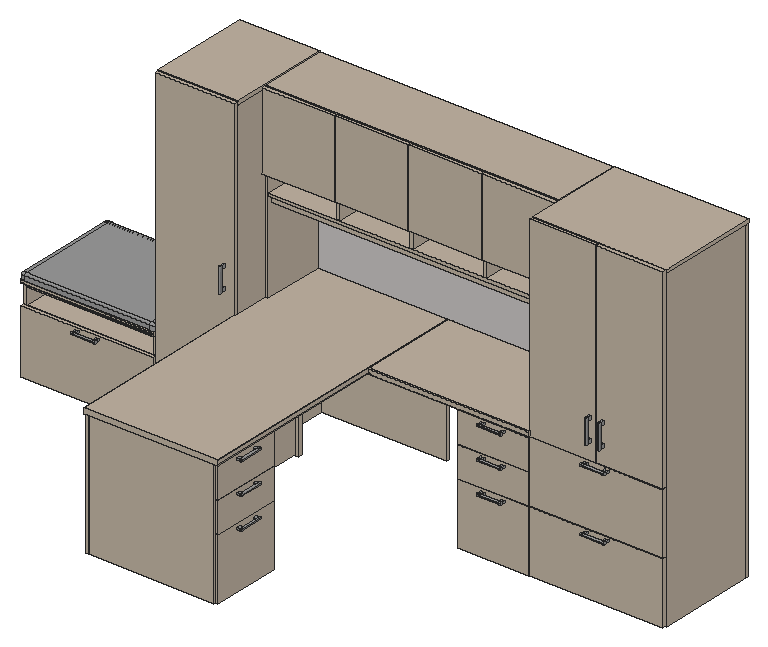
Revit family "JSI-Vision-Typical_Laminate-VST103", category Furniture, Revit 2020 (continued)
Definition of nested family "JSI-Vision-Overhead_Cabinets_with_Cubbies"
  Dimensions and locks (ft)
    plane 10 to plane 9 to plane 22 to plane 23 = 0.036458 ft locked, 0.0625 ft locked, 0.0625 ft locked
    "Width": plane 3 "Center Left/Right" to plane 6
    "Depth": plane 10 to plane 1 "Center Front/Back"
    locked: plane 11 to plane 12 at 0.041667
    locked: plane 7 to plane 13 at 0.0625
    locked: plane 14 to plane 8 at 0.0625
    locked: plane 15 to plane 5 at 0.0625
    plane 17 to plane 16 to plane 5 = 0.0625 ft locked, 0.067708 ft locked
    locked: plane 11 to plane 18 at 0.0625
    locked: plane 20 to plane 19 at 0.0625
    plane 18 to plane 20 = 1.208333 ft
    locked: plane 11 to plane 26 at 0.005208
    locked: plane 19 to plane 27 at 0.109375
    plane 29 to plane 28 to plane 9 = 0.0625 ft locked, 0.010417 ft locked
    "Door Width": Extrusion 6 sketch curve to Extrusion 6 sketch curve
    "Door Width": Extrusion 7 sketch curve to Extrusion 7 sketch curve
    equal spacing: group 1, group 2, group 5, group 6, group 7, group 8  (x3)
    "Door Array Spacing": Extrusion 6 to Extrusion 7
    "Verticall Partition Distance": plane 24 to plane 31
    plane 33 to plane 31 to plane 34 = 0.03125 ft locked, 0.03125 ft locked
    plane 35 to plane 32 to plane 36 = 0.03125 ft locked, 0.03125 ft locked
    "Verticall Partition Distance": plane 32 to plane 25
    "Unit Centre": plane 3 "Center Left/Right" to plane 30
    locked: plane 13 to plane 37 "Not a Reference" at 0.5
    locked: plane 38 to plane 14 at 0.5
    "Door Align Spacing": plane 7 to plane 24
    "Door Align Spacing": plane 25 to plane 8
    locked: plane 19 to plane 39 at 0.5
    plane 40 to plane 39 to plane 21 = 0.0625 ft locked, 0.125 ft locked
    locked: plane 43 to plane 13 at 0.03125
    locked: plane 14 to plane 44 at 0.03125
    "Bottom Partition Array Start Distance": plane 24 to plane 45
    plane 46 to plane 45 to plane 47 = 0.03125 ft locked, 0.03125 ft locked
    equal spacing: group 3, group 4, group 9, group 10, group 11  (x3)
    "Bottom Partition Array Distance": Extrusion 12 to Extrusion 13
    "Bottom Partition Array Space": plane 24 to Extrusion 12
    plane 41 to plane 30 to plane 42 = 0.03125 ft locked, 0.03125 ft locked
    "OH Elevation": plane 48 to plane 4
    "Height": plane 12 to plane 48
    "Overhead Height": plane 19 to plane 48
    "Door Width": Extrusion 14 sketch curve to Extrusion 14 sketch curve
    "Door Width": Extrusion 15 sketch curve to Extrusion 15 sketch curve
    "Door Width": Extrusion 16 sketch curve to Extrusion 16 sketch curve
    "Door Width": Extrusion 17 sketch curve to Extrusion 17 sketch curve
    locked: Extrusion 10 sketch curve to Extrusion 1 at 0.802192
    locked: Extrusion 10 sketch curve to Extrusion 10 sketch curve at 1.820391  (x2)
    locked: Extrusion 10 sketch curve to Extrusion 10 sketch curve at 0.802192
    aligned and locked: level to plane 2
    aligned and locked: plane 5 to Extrusion 1 sketch curve
    aligned and locked: plane 7 to Extrusion 1 sketch curve
    aligned and locked: Extrusion 1 sketch curve to plane 13
    aligned and locked: Extrusion 2 sketch curve to plane 5
    aligned and locked: plane 8 to Extrusion 2 sketch curve
    aligned and locked: Extrusion 2 sketch curve to plane 14
    aligned and locked: Extrusion 3 sketch curve to plane 11
    aligned and locked: plane 7 to Extrusion 3 sketch curve
    aligned and locked: Extrusion 3 to plane 5
    aligned and locked: plane 9 to Extrusion 1
    aligned and locked: plane 9 to Extrusion 2
    aligned and locked: plane 9 to Extrusion 3
    aligned and locked: Extrusion 4 sketch curve to plane 20
    aligned and locked: plane 13 to Extrusion 4 sketch curve
    aligned and locked: plane 19 to Extrusion 4 sketch curve
    aligned and locked: Extrusion 4 sketch curve to plane 14
    aligned and locked: Extrusion 4 to plane 17
    aligned and locked: plane 9 to Extrusion 4
    aligned and locked: plane 23 to Extrusion 5 sketch curve
    aligned and locked: plane 13 to Extrusion 5 sketch curve
    aligned and locked: Extrusion 5 sketch curve to plane 22
    aligned and locked: Extrusion 5 sketch curve to plane 14
    aligned and locked: Extrusion 5 to plane 21
    aligned and locked: Extrusion 6 to plane 24
    aligned and locked: plane 17 to Extrusion 8 sketch curve
    aligned and locked: plane 33 to Extrusion 8 sketch curve
    aligned and locked: Extrusion 8 sketch curve to plane 9
    aligned and locked: Extrusion 8 sketch curve to plane 34
    aligned and locked: plane 17 to Extrusion 9 sketch curve
    aligned and locked: plane 35 to Extrusion 9 sketch curve
    aligned and locked: Extrusion 9 sketch curve to plane 9
    aligned and locked: Extrusion 9 sketch curve to plane 36
    aligned and locked: plane 18 to Extrusion 8
    aligned and locked: Extrusion 8 to plane 20
    aligned and locked: plane 18 to Extrusion 9
    aligned and locked: Extrusion 9 to plane 20
    aligned and locked: Extrusion 1 to Extrusion 10 sketch curve
    aligned and locked: Extrusion 10 sketch curve to Extrusion 1
    aligned and locked: Extrusion 10 sketch curve to Extrusion 2
    aligned and locked: Extrusion 10 to plane 16
    aligned and locked: plane 17 to Extrusion 10
    aligned and locked: Extrusion 6 to plane 27
    aligned and locked: Extrusion 11 sketch curve to plane 39
    aligned and locked: Extrusion 11 sketch curve to plane 40
    aligned and locked: Extrusion 11 sketch curve to plane 13
    aligned and locked: Extrusion 11 sketch curve to plane 14
    aligned and locked: Extrusion 11 to plane 17
    aligned and locked: plane 9 to Extrusion 11
    aligned and locked: plane 39 to Extrusion 5
    aligned and locked: Extrusion 12 to plane 40
    aligned and locked: plane 19 to Extrusion 12
    aligned and locked: plane 30 to nested 1
    aligned and locked: plane 29 to nested 1
    aligned and locked: plane 27 to Extrusion 6  (x3)
    aligned and locked: Extrusion 7 to plane 27
    aligned and locked: Extrusion 12 to plane 19  (x2)
    aligned and locked: plane 40 to Extrusion 12  (x2)
    aligned and locked: plane 19 to Extrusion 13
    aligned and locked: Extrusion 13 to plane 40
    aligned and locked: plane 18 to Extrusion 2
    aligned and locked: plane 18 to Extrusion 1
    aligned and locked: plane 26 to Extrusion 6
    aligned and locked: curve 1 to Extrusion 3
    aligned and locked: curve 2 to Extrusion 3
    aligned and locked: curve 3 to Extrusion 3
    aligned and locked: curve 4 to Extrusion 3
    aligned and locked: plane 26 to Extrusion 7
    aligned and locked: Extrusion 13 to plane 19
    aligned and locked: plane 40 to Extrusion 13
    aligned and locked: Extrusion 1 to plane 48
    aligned and locked: Extrusion 2 to plane 48
    aligned and locked: Extrusion 10 sketch curve to plane 48
    aligned and locked: curve 5 to Extrusion 6
    aligned and locked: curve 6 to Extrusion 6
    aligned and locked: curve 7 to Extrusion 6
    aligned and locked: curve 8 to Extrusion 6
    aligned and locked: curve 9 to Extrusion 7
    aligned and locked: curve 10 to Extrusion 7
    aligned and locked: curve 11 to Extrusion 7
    aligned and locked: curve 12 to Extrusion 7
    aligned and locked: curve 13 to Extrusion 14
    aligned and locked: curve 14 to Extrusion 14
    aligned and locked: curve 15 to Extrusion 14
    aligned and locked: curve 16 to Extrusion 14
    aligned and locked: curve 17 to Extrusion 15
    aligned and locked: curve 18 to Extrusion 15
    aligned and locked: curve 19 to Extrusion 15
    aligned and locked: curve 20 to Extrusion 15
    aligned and locked: curve 21 to Extrusion 16
    aligned and locked: curve 22 to Extrusion 16
    aligned and locked: curve 23 to Extrusion 16
    aligned and locked: curve 24 to Extrusion 16
    aligned and locked: curve 25 to Extrusion 17
    aligned and locked: curve 26 to Extrusion 17
    aligned and locked: curve 27 to Extrusion 17
    aligned and locked: curve 28 to Extrusion 17
  Automatic sketch dimensions
    Extrusion 1 sketch curve to plane 10 = 0.036458 ft
    Extrusion 3 sketch curve to plane 8 = 0.000 ft
    Extrusion 3 sketch curve to plane 18 = 0.000 ft
    plane 9 to Extrusion 2 sketch curve = 0.000 ft
    Extrusion 6 sketch curve to Extrusion 6 sketch curve = 0.0625 ft
    Extrusion 7 sketch curve to Extrusion 7 sketch curve = 0.0625 ft
    Extrusion 12 sketch curve to Extrusion 12 sketch curve = 0.0625 ft
    Extrusion 12 sketch curve to Extrusion 12 sketch curve = 1.15625 ft
    Extrusion 13 sketch curve to Extrusion 13 sketch curve = 0.0625 ft
    Extrusion 13 sketch curve to Extrusion 13 sketch curve = 1.15625 ft
    Extrusion 14 sketch curve to Extrusion 14 sketch curve = 0.0625 ft
    Extrusion 15 sketch curve to Extrusion 15 sketch curve = 0.0625 ft
    Extrusion 16 sketch curve to Extrusion 16 sketch curve = 0.0625 ft
    Extrusion 17 sketch curve to Extrusion 17 sketch curve = 0.0625 ft
    Extrusion 18 sketch curve to Extrusion 18 sketch curve = 0.0625 ft
    Extrusion 18 sketch curve to Extrusion 18 sketch curve = 1.15625 ft
    Extrusion 19 sketch curve to Extrusion 19 sketch curve = 0.0625 ft
    Extrusion 19 sketch curve to Extrusion 19 sketch curve = 1.15625 ft
    Extrusion 20 sketch curve to Extrusion 20 sketch curve = 0.0625 ft
    Extrusion 20 sketch curve to Extrusion 20 sketch curve = 1.15625 ft
    curve 6 to curve 7 = 1.236111 ft
    curve 6 to curve 6 = 0.0625 ft
    curve 10 to curve 11 = 1.236111 ft
    curve 10 to curve 10 = 0.0625 ft
    curve 14 to curve 15 = 1.236111 ft
    curve 14 to curve 14 = 0.0625 ft
    curve 18 to curve 19 = 1.236111 ft
    curve 18 to curve 18 = 0.0625 ft
    curve 22 to curve 23 = 1.236111 ft
    curve 22 to curve 22 = 0.0625 ft
    curve 26 to curve 27 = 1.236111 ft
    curve 26 to curve 26 = 0.0625 ft
    radius of Extrusion 10 sketch curve = 0.027835 ft  (x2)
  Nested families (ft)
    nested 1: "Label 1-16 OH" at (3.75, -1.369792, 0), type "OH DOORS"
  Definition of nested family "Label 1-16 OH"
    Parameters
      Width = 0.083333 ft
      Model Name = "XX"
    Reference planes (ft)
      plane 1: y = 0
      plane 2: x = 0
    Text (ft)
      label "XX" at (0.000042, -0.01027, 0), shows "Model Name"
Definition of nested family "JSI-Vision-File_File_Lateral_Storage_Cabinet"
  Parameters (values of type "Type Catalog")
    Top = none
    Width = 3.000 ft
    Unit Centre = Width / 2  # 1.500 ft
    URL = "www.jsifurniture.com"
    Type Comments = ""
    Tag = "Storage/Lat File"
    Shelve Width = Width - 0.125 ft  # 2.875 ft
    Shelve Depth = Depth - 0.234375 ft  # 1.765625 ft
    Series = "Vision Casegoods"  # constant formula
    Pull Finish = none
    Drawer Pull Distance(Right) = if(Width > 1.500 ft, (Door Width / 2), (Door Width - 0.28125 ft))  # 0.744792 ft
    Drawer Pull Distance(Left) = Door Width / 2  # 0.744792 ft
    Model = "Type Catalog"
    Material = ""
    Manufacturer = "JSI"  # constant formula
    Keynote = "12500"
    JSI Enviromental Website = "http://www.jsifurniture.com/jsi_sustainability_intro.php"
    Height = 7.000 ft
    Drawer Front = none
    Door Width = if(Width > 1.500 ft, ((Width - 0.020833 ft) / 2), (Width - 0.010417 ft))  # 1.489583 ft
    Door Front = none
    Description = "Type Catalog"
    Depth = 2.000 ft
    Default Elevation = 0.000 ft
    Chassis = none
    Bottom Shelve Level = 2.375 ft
    Assembly Code = "E2020200"
    Adjustable Shelves Array Distance = (Actual Height - Bottom Shelve Level) / (# of Adjustable Shelves)  # 0.919792 ft
    Actual Height = if(Height > 4.500 ft, (Height - 0.026042 ft), (if(Height > 3.500 ft, (Height + 0.09375 ft), if(Height > 2.500 ft, (Height - 0.03125 ft), (Height - 0.067708 ft)))))  # 6.973958 ft
    # of Adjustable Shelves = if(Height > 6.000 ft, 5, (if(Height > 4.750 ft, 3, 2)))  # 5
  Reference planes (ft)
    plane 1 "Center Front/Back": y = 0
    plane 2: z = 0
    plane 3 "Center Left/Right": x = 0
    plane 4: z = 0
    plane 5: x = 3
    plane 6: y = -0.010417
    plane 7: y = -1.916667
    plane 8: z = 6.973958
    plane 9: y = -0.072917
    plane 10: y = -1.901042
    plane 11: y = -1.838542
    plane 12: x = 0.0625
    plane 13: x = 2.9375
    plane 14: z = 0.027292
    plane 15: z = 0.089792
    plane 16: z = 6.911458
    plane 17: z = 6.942708
    plane 18: z = 2.375
    plane 19: z = 2.3125
    plane 20: x = 0.005208
    plane 21: x = 2.994792
    plane 22: z = 0.011667
    plane 23: y = -1.927083
    plane 24: y = -1.989583
    plane 25: y = -2
    plane 26: z = 6.96875
    plane 27: z = 5.491667
    plane 28: y = -0.963542
    plane 29: z = 2.854167
    plane 30: x = 1.630208
    plane 31: x = 1.369792
    plane 32: z = 3.263542
    plane 33: z = 4.183333
    plane 34: z = 5.103125
    plane 35: z = 6.022917
    plane 36: z = 5.991667
    plane 37: z = 6.054167
    plane 38: z = 2.32375
    plane 39: z = 2.333333
    plane 40: z = 1.1625
    plane 41: z = 1.172917
    plane 42: z = 2.26125
    plane 43: z = 1.1
    plane 44: x = 1.5
    plane 45: x = 1.494792
    plane 46: x = 1.505208
  Forms (ft)
    Extrusion 1, solid, material <- "Chassis"
      sketch origin (0, 0, 0) x (1, 0, 0) y (0, 1, 0)
        loop
          line (0, -0.010417) -> (0, -0.072917) -> (3, -0.072917) -> (3, -0.010417) -> (0, -0.010417)
      from 0 to 6.911458
    Extrusion 2, solid, material <- "Chassis"
      sketch origin (0, 0, 0) x (1, 0, 0) y (0, 1, 0)
        loop
          line (0, -0.072917) -> (0, -1.916667) -> (0.0625, -1.916667) -> (0.0625, -0.072917) -> (0, -0.072917)
      from 0 to 6.911458
    Extrusion 3, solid, material <- "Chassis"
      sketch origin (0, 0, 0) x (1, 0, 0) y (0, 1, 0)
        loop
          line (2.9375, -0.072917) -> (2.9375, -1.916667) -> (3, -1.916667) -> (3, -0.072917) -> (2.9375, -0.072917)
      from 0 to 6.911458
    Extrusion 4, solid, material <- "Top"
      sketch origin (0, 0, 0) x (0, 1, 0) y (0, 0, 1)
        loop
          line (-0.010417, 6.973958) -> (-1.916667, 6.973958) -> (-1.916667, 6.911458) -> (-0.010417, 6.911458) -> (-0.010417, 6.973958)
      from 0 to 3
    Extrusion 5, solid, material <- "Chassis"
      sketch origin (0, 0, 0) x (0, 1, 0) y (0, 0, 1)
        loop
          line (-0.072917, 0.089792) -> (-1.838542, 0.089792) -> (-1.838542, 0.027292) -> (-0.072917, 0.027292) -> (-0.072917, 0.089792)
      from 0.0625 to 2.9375
    Extrusion 6, solid, material <- "Chassis"
      sketch origin (0, 0, 0) x (0, 1, 0) y (0, 0, 1)
        loop
          line (-1.838542, 0.089792) -> (-1.901042, 0.089792) -> (-1.901042, 0) -> (-1.838542, 0) -> (-1.838542, 0.089792)
      from 0.0625 to 2.9375
    Extrusion 7, solid, material <- "Door Front"
      sketch origin (0, 0, 0) x (1, 0, 0) y (0, 1, 0)
        loop
          line (0.005208, -1.927083) -> (0.005208, -1.989583) -> (1.494792, -1.989583) -> (1.494792, -1.927083) -> (0.005208, -1.927083)
      from 2.333333 to 6.96875
    Extrusion 8, solid, material <- "Door Front"
      sketch origin (0, 0, 0) x (1, 0, 0) y (0, 1, 0)
        loop
          line (1.505208, -1.927083) -> (1.505208, -1.989583) -> (2.994792, -1.989583) -> (2.994792, -1.927083) -> (1.505208, -1.927083)
      from 2.333333 to 6.96875
    Extrusion 9, solid, material <- "Chassis"
      sketch origin (0.25, 0, 0) x (0, 1, 0) y (0, 0, 1)
        loop
          line (-0.072917, 2.375) -> (-1.838542, 2.375) -> (-1.838542, 2.3125) -> (-0.072917, 2.3125) -> (-0.072917, 2.375)
      from -0.1875 to 2.6875
    Extrusion 10, solid, material <- "Chassis"
      sketch origin (0.25, 0, 0.919792) x (0, 1, 0) y (0, 0, 1)
        loop
          line (-0.072917, 2.375) -> (-1.838542, 2.375) -> (-1.838542, 2.3125) -> (-0.072917, 2.3125) -> (-0.072917, 2.375)
      from -0.1875 to 2.6875
    Extrusion 11, solid, material <- "Drawer Front"
      sketch origin (0, 0, 0) x (0, 1, 0) y (0, 0, 1)
        loop
          line (-1.927083, 2.32375) -> (-1.989583, 2.32375) -> (-1.989583, 1.172917) -> (-1.927083, 1.172917) -> (-1.927083, 2.32375)
        loop
          line (-1.927083, 1.1625) -> (-1.989583, 1.1625) -> (-1.989583, 0.011667) -> (-1.927083, 0.011667) -> (-1.927083, 1.1625)
      from 0.005208 to 2.994792
    Extrusion 12, solid, material <- "Chassis"
      sketch origin (0.25, 0, 1.839583) x (0, 1, 0) y (0, 0, 1)
        loop
          line (-0.072917, 2.375) -> (-1.838542, 2.375) -> (-1.838542, 2.3125) -> (-0.072917, 2.3125) -> (-0.072917, 2.375)
      from -0.1875 to 2.6875
    Extrusion 13, solid, material <- "Chassis"
      sketch origin (0.25, 0, 2.759375) x (0, 1, 0) y (0, 0, 1)
        loop
          line (-0.072917, 2.375) -> (-1.838542, 2.375) -> (-1.838542, 2.3125) -> (-0.072917, 2.3125) -> (-0.072917, 2.375)
      from -0.1875 to 2.6875
    Extrusion 14, solid, material <- "Chassis"
      sketch origin (0.25, 0, 3.679167) x (0, 1, 0) y (0, 0, 1)
        loop
          line (-0.072917, 2.375) -> (-1.838542, 2.375) -> (-1.838542, 2.3125) -> (-0.072917, 2.3125) -> (-0.072917, 2.375)
      from -0.1875 to 2.6875
  Lines and regions (ft)
    symbolic lines
      curve 1: line (3, -0.010417, 0) -> (0, -0.010417, 0)
      curve 2: line (0, -0.010417, 0) -> (0, -1.916667, 0)
      curve 3: line (0, -1.916667, 0) -> (3, -1.916667, 0)
      curve 4: line (3, -1.916667, 0) -> (3, -0.010417, 0)
      curve 5: line (2.994792, -1.989583, 0) -> (2.994792, -1.927083, 0)
      curve 6: line (2.994792, -1.927083, 0) -> (1.505208, -1.927083, 0)
      curve 7: line (1.505208, -1.989583, 0) -> (2.994792, -1.989583, 0)
      curve 8: line (1.505208, -1.927083, 0) -> (1.505208, -1.989583, 0)
      curve 9: line (1.494792, -1.989583, 0) -> (1.494792, -1.927083, 0)
      curve 10: line (0.005208, -1.989583, 0) -> (1.494792, -1.989583, 0)
      curve 11: line (1.494792, -1.927083, 0) -> (0.005208, -1.927083, 0)
      curve 12: line (0.005208, -1.927083, 0) -> (0.005208, -1.989583, 0)
  Dimensions and locks (ft)
    locked: plane 6 to plane 1 "Center Front/Back" at 0.010417
    plane 7 to plane 10 to plane 11 = 0.015625 ft locked, 0.0625 ft locked
    locked: plane 3 "Center Left/Right" to plane 12 at 0.0625
    locked: plane 13 to plane 5 at 0.0625
    locked: plane 8 to plane 16 at 0.0625
    locked: plane 17 to plane 16 at 0.03125
    "Width": plane 3 "Center Left/Right" to plane 5
    "Actual Height": plane 8 to plane 4
    locked: plane 3 "Center Left/Right" to plane 20 at 0.005208
    locked: plane 21 to plane 5 at 0.005208
    plane 15 to plane 14 to plane 22 to plane 4 = 0.0625 ft locked, 0.015625 ft locked, 0.011667 ft locked
    plane 24 to plane 23 to plane 7 = 0.0625 ft locked, 0.010417 ft locked
    "Depth": plane 25 to plane 1 "Center Front/Back"
    locked: plane 25 to plane 24 at 0.010417
    locked: plane 8 to plane 26 at 0.005208
    equal spacing: plane 6, plane 28, plane 7
    locked: plane 20 to plane 31 at 1.364583
    locked: plane 30 to plane 21 at 1.364583
    "Shelve Depth": Extrusion 9 sketch curve to Extrusion 9 sketch curve
    plane 17 to plane 35 to plane 34 to plane 33 to plane 32 = 0.919792 ft, 0.919792 ft, 0.919792 ft, 0.919792 ft
    "Shelve Depth": Extrusion 10 sketch curve to Extrusion 10 sketch curve
    equal spacing: group 1, group 2, group 3, group 4, group 5  (x3)
    "Adjustable Shelves Array Distance": Extrusion 10 to Extrusion 9
    "Bottom Shelve Level": Extrusion 9 to plane 4
    locked: plane 37 to plane 36 at 0.0625
    "Bottom Shelve Level": plane 18 to plane 4
    locked: plane 38 to plane 42 at 0.0625
    locked: plane 40 to plane 43 at 0.0625
    "Shelve Width": Extrusion 9 to Extrusion 9
    "Unit Centre": plane 3 "Center Left/Right" to plane 44
    "Door Width": plane 20 to plane 45
    "Door Width": plane 46 to plane 21
    "Shelve Width": Extrusion 10 to Extrusion 10
    plane 29 to plane 18 = 0.479167 ft
    "Shelve Depth": Extrusion 12 sketch curve to Extrusion 12 sketch curve
    "Shelve Width": Extrusion 12 to Extrusion 12
    "Shelve Depth": Extrusion 13 sketch curve to Extrusion 13 sketch curve
    "Shelve Width": Extrusion 13 to Extrusion 13
    "Shelve Depth": Extrusion 14 sketch curve to Extrusion 14 sketch curve
    "Shelve Width": Extrusion 14 to Extrusion 14
    plane 38 to plane 41 to plane 40 to plane 22 = 1.150833 ft locked, 0.010417 ft locked, 1.150833 ft locked
    aligned and locked: level to plane 2
    aligned and locked: plane 6 to Extrusion 1 sketch curve
    aligned and locked: Extrusion 1 sketch curve to plane 9
    aligned and locked: Extrusion 1 sketch curve to plane 5
    aligned and locked: plane 3 "Center Left/Right" to Extrusion 1 sketch curve
    aligned and locked: Extrusion 1 to plane 4
    aligned and locked: plane 16 to Extrusion 1
    aligned and locked: plane 3 "Center Left/Right" to Extrusion 2 sketch curve
    aligned and locked: Extrusion 2 sketch curve to plane 12
    aligned and locked: Extrusion 2 sketch curve to plane 7
    aligned and locked: plane 9 to Extrusion 2 sketch curve
    aligned and locked: plane 13 to Extrusion 3 sketch curve
    aligned and locked: Extrusion 3 sketch curve to plane 5
    aligned and locked: Extrusion 3 sketch curve to plane 7
    aligned and locked: plane 9 to Extrusion 3 sketch curve
    aligned and locked: Extrusion 2 to plane 4
    aligned and locked: Extrusion 3 to plane 4
    aligned and locked: plane 16 to Extrusion 2
    aligned and locked: plane 16 to Extrusion 3
    aligned and locked: plane 16 to Extrusion 4 sketch curve
    aligned and locked: Extrusion 4 sketch curve to plane 8
    aligned and locked: plane 6 to Extrusion 4 sketch curve
    aligned and locked: Extrusion 4 sketch curve to plane 7
    aligned and locked: Extrusion 4 to plane 3 "Center Left/Right"
    aligned and locked: plane 5 to Extrusion 4
    aligned and locked: Extrusion 5 sketch curve to plane 11
    aligned and locked: plane 14 to Extrusion 5 sketch curve
    aligned and locked: Extrusion 5 sketch curve to plane 15
    aligned and locked: plane 9 to Extrusion 5 sketch curve
    aligned and locked: Extrusion 5 to plane 12
    aligned and locked: plane 13 to Extrusion 5
    aligned and locked: plane 11 to Extrusion 6 sketch curve
    aligned and locked: Extrusion 6 sketch curve to plane 10
    aligned and locked: plane 4 to Extrusion 6 sketch curve
    aligned and locked: Extrusion 6 sketch curve to plane 15
    aligned and locked: Extrusion 6 to plane 12
    aligned and locked: plane 13 to Extrusion 6
    aligned and locked: level to plane 4
    aligned and locked: plane 24 to nested 1
    aligned and locked: plane 23 to Extrusion 7 sketch curve
    aligned and locked: Extrusion 7 sketch curve to plane 24
    aligned and locked: plane 23 to Extrusion 8 sketch curve
    aligned and locked: Extrusion 8 sketch curve to plane 24
    aligned and locked: plane 31 to nested 3
    aligned and locked: plane 30 to nested 2
    aligned and locked: plane 29 to nested 3
    aligned and locked: plane 29 to nested 2
    aligned and locked: plane 24 to nested 3
    aligned and locked: plane 24 to nested 2
    aligned and locked: Extrusion 11 sketch curve to plane 24
    aligned and locked: plane 23 to Extrusion 11 sketch curve
    aligned and locked: Extrusion 11 sketch curve to plane 38
    aligned and locked: plane 41 to Extrusion 11 sketch curve
    aligned and locked: Extrusion 9 to plane 9
    aligned and locked: Extrusion 10 to plane 9
    aligned and locked: plane 26 to Extrusion 7
    aligned and locked: plane 26 to Extrusion 8
    aligned and locked: Extrusion 7 to plane 39
    aligned and locked: Extrusion 7 to plane 20
    aligned and locked: plane 45 to Extrusion 7
    aligned and locked: Extrusion 8 to plane 46
    aligned and locked: plane 21 to Extrusion 8
    aligned and locked: Extrusion 11 to plane 20
    aligned and locked: plane 21 to Extrusion 11
    aligned and locked: plane 42 to nested 5
    aligned and locked: plane 43 to nested 4
    aligned and locked: plane 24 to nested 4
    aligned and locked: plane 24 to nested 5
    aligned and locked: Extrusion 8 to plane 39
    aligned and locked: plane 13 to Extrusion 9
    aligned and locked: plane 13 to Extrusion 10
    aligned and locked: plane 44 to nested 1
    aligned and locked: curve 1 to Extrusion 4
    aligned and locked: curve 2 to Extrusion 4
    aligned and locked: curve 3 to Extrusion 4
    aligned and locked: curve 4 to Extrusion 4
    aligned and locked: curve 5 to Extrusion 8
    aligned and locked: curve 6 to Extrusion 8
    aligned and locked: curve 7 to Extrusion 8
    aligned and locked: curve 8 to Extrusion 8
    aligned and locked: curve 9 to Extrusion 7
    aligned and locked: curve 10 to Extrusion 7
    aligned and locked: curve 11 to Extrusion 7
    aligned and locked: curve 12 to Extrusion 7
    aligned and locked: Extrusion 11 sketch curve to plane 40
    aligned and locked: plane 22 to Extrusion 11 sketch curve
    aligned and locked: Extrusion 11 sketch curve to Extrusion 11 sketch curve  (x2)
    aligned and locked: plane 44 to nested 5
    aligned and locked: plane 44 to nested 4
  Automatic sketch dimensions
    Extrusion 9 sketch curve to Extrusion 9 sketch curve = 0.0625 ft
    Extrusion 10 sketch curve to Extrusion 10 sketch curve = 0.0625 ft
    Extrusion 7 sketch curve to plane 20 = 0.000 ft
    plane 21 to Extrusion 8 sketch curve = 0.000 ft
    Extrusion 7 sketch curve to plane 30 = 0.135417 ft
    Extrusion 8 sketch curve to plane 30 = 0.125 ft
    Extrusion 12 sketch curve to Extrusion 12 sketch curve = 0.0625 ft
    Extrusion 13 sketch curve to Extrusion 13 sketch curve = 0.0625 ft
    Extrusion 14 sketch curve to Extrusion 14 sketch curve = 0.0625 ft
  Nested families (ft)
    nested 1: "Label 1-16 OH" at (1.5, -1.989583, 0), type "OH DOORS"
    nested 2: "Vertical Bar Pull" at (1.630208, -1.989583, 2.854167), Pull Finish <- "Pull Finish", type "PL"
      with Pull Finish none
    nested 3: "Vertical Bar Pull" at (1.369792, -1.989583, 2.854167), Pull Finish <- "Pull Finish", type "PL"
      with Pull Finish none
    nested 4: "Bar Pull" at (1.5, -1.989583, 1.1), Pull Finish <- "Pull Finish", type "PL"
      with Pull Finish none
    nested 5: "Bar Pull" at (1.5, -1.989583, 2.26125), Pull Finish <- "Pull Finish", type "PL"
      with Pull Finish none
  Definition of nested family "Vertical Bar Pull"
    Parameters
      Pull Finish [instance] = none
      Default Elevation = 0.000 ft
    Reference planes (ft)
      plane 1 "Center Front/Back": y = 0
      plane 2: z = 0
      plane 3 "Center Left/Right": x = 0
      plane 4: x = -0.223942
      plane 5: x = -0.157276
      plane 6: x = 0.223942
      plane 7: x = 0.157276
      plane 8: y = -0.083333
      plane 9: y = -0.071002
      plane 10: z = 0.223942
      plane 11: z = 0.157276
      plane 12: z = -0.157276
      plane 13: z = -0.223942
    Forms (ft)
      Extrusion 1, solid, material <- "Pull Finish"
        sketch origin (0, 0, 0) x (0, 1, 0) y (-1, 0, 0)
          loop
            line (0, -0.016792) -> (0, 0.016792) -> (-0.071002, 0.016792)
            arc (-0.071002, 0.016792) -> (-0.0625, 0) -> (-0.071002, -0.016792) r 0.020833
            line (-0.071002, -0.016792) -> (0, -0.016792)
        from 0.157276 to 0.223942
      Extrusion 2, solid, material <- "Pull Finish"
        sketch origin (0, 0, 0) x (0, 1, 0) y (-1, 0, 0)
          loop
            circle (-0.083333, 0) r 0.020833
        from -0.223942 to 0.223942
      Extrusion 3, solid, material <- "Pull Finish"
        sketch origin (0, 0, 0) x (1, 0, 0) y (0, 1, 0)
          loop
            line (0.016792, 0) -> (-0.016792, 0) -> (-0.016792, -0.071002)
            arc (-0.016792, -0.071002) -> (0, -0.0625) -> (0.016792, -0.071002) r 0.020833
            line (0.016792, -0.071002) -> (0.016792, 0)
        from 0.157276 to 0.223942
      Extrusion 4, solid, material <- "Pull Finish"
        sketch origin (0, 0, -0.381218) x (1, 0, 0) y (0, 1, 0)
          loop
            line (0.016792, 0) -> (-0.016792, 0) -> (-0.016792, -0.071002)
            arc (-0.016792, -0.071002) -> (0, -0.0625) -> (0.016792, -0.071002) r 0.020833
            line (0.016792, -0.071002) -> (0.016792, 0)
        from 0.157276 to 0.223942
    Dimensions and locks (ft)
      plane 4 to plane 5 to plane 3 "Center Left/Right" to plane 7 to plane 6 = 0.066667 ft locked, 0.157276 ft locked, 0.157276 ft locked, 0.066667 ft locked
      plane 8 to plane 9 to plane 1 "Center Front/Back" = 0.012332 ft locked, 0.071002 ft locked
      plane 13 to plane 12 to plane 2 to plane 11 to plane 10 = 0.066667 ft locked, 0.157276 ft locked, 0.157276 ft locked, 0.066667 ft locked
      plane 1 "Center Front/Back" to plane 9 to plane 8 = 0.071002 ft locked, 0.012332 ft locked
      aligned and locked: level to plane 2
      aligned and locked: plane 8 to Extrusion 2 sketch curve
      aligned and locked: Extrusion 3 to plane 1 "Center Front/Back"
      aligned and locked: Extrusion 1 to plane 1 "Center Front/Back"
      aligned and locked: Extrusion 4 to plane 1 "Center Front/Back"
      aligned and locked: Extrusion 3 to plane 10
      aligned and locked: Extrusion 3 to plane 11
      aligned and locked: Extrusion 2 to plane 10
      aligned and locked: Extrusion 2 to plane 13
      aligned and locked: Extrusion 4 to plane 13
      aligned and locked: Extrusion 4 to plane 12
      aligned and locked: plane 1 "Center Front/Back" to Extrusion 4
      aligned and locked: plane 1 "Center Front/Back" to Extrusion 3
      aligned and locked: Extrusion 4 to plane 9
      aligned and locked: Extrusion 3 to plane 9
  Definition of nested family "Bar Pull"
    Parameters
      Pull Finish [instance] = none
      Default Elevation = 0.000 ft
    Reference planes (ft)
      plane 1 "Center Front/Back": y = 0
      plane 2: z = 0
      plane 3 "Center Left/Right": x = 0
      plane 4: x = -0.223942
      plane 5: x = -0.157276
      plane 6: x = 0.223942
      plane 7: x = 0.157276
      plane 8: y = -0.083333
      plane 9: y = -0.071002
    Forms (ft)
      Extrusion 1, solid, material <- "Pull Finish"
        sketch origin (0, 0, 0) x (0, 1, 0) y (0, 0, 1)
          loop
            line (0, -0.016792) -> (0, 0.016792) -> (-0.071002, 0.016792)
            arc (-0.071002, 0.016792) -> (-0.0625, 0) -> (-0.071002, -0.016792) r 0.020833
            line (-0.071002, -0.016792) -> (0, -0.016792)
        from 0.157276 to 0.223942
      Extrusion 2, solid, material <- "Pull Finish"
        sketch origin (0, 0, 0) x (0, 1, 0) y (0, 0, 1)
          loop
            circle (-0.083333, 0) r 0.020833
        from -0.223942 to 0.223942
      Extrusion 3, solid, material <- "Pull Finish"
        sketch origin (0, 0, 0) x (0, 1, 0) y (0, 0, -1)
          loop
            line (0, 0.016792) -> (-0.071002, 0.016792)
            arc (-0.071002, 0.016792) -> (-0.0625, 0) -> (-0.071002, -0.016792) r 0.020833
            line (-0.071002, -0.016792) -> (0, -0.016792) -> (0, 0.016792)
        from 0.157276 to 0.223942
    Dimensions and locks (ft)
      plane 4 to plane 5 to plane 3 "Center Left/Right" to plane 7 to plane 6 = 0.066667 ft locked, 0.157276 ft locked, 0.157276 ft locked, 0.066667 ft locked
      plane 8 to plane 9 to plane 1 "Center Front/Back" = 0.012332 ft locked, 0.071002 ft locked
      aligned and locked: level to plane 2
      aligned and locked: plane 4 to Extrusion 3
      aligned and locked: Extrusion 3 to plane 5
      aligned and locked: plane 4 to Extrusion 2
      aligned and locked: Extrusion 1 to plane 7
      aligned and locked: plane 6 to Extrusion 1
      aligned and locked: plane 6 to Extrusion 2
      aligned and locked: plane 8 to Extrusion 2 sketch curve
      aligned and locked: Extrusion 3 to plane 1 "Center Front/Back"
      aligned and locked: Extrusion 1 to plane 1 "Center Front/Back"
      aligned and locked: plane 5 to Extrusion 3
      aligned and locked: Extrusion 3 to plane 4
      aligned and locked: Extrusion 2 to plane 4
      aligned and locked: plane 7 to Extrusion 1
      aligned and locked: Extrusion 1 to plane 6
      aligned and locked: Extrusion 2 to plane 6
  Definition of nested family "Label 1-16 OH"
    Parameters
      Width = 0.083333 ft
      Model Name = "Storage/Lat File"
    Reference planes (ft)
      plane 1: y = 0
      plane 2: x = 0
    Text (ft)
      label "XX" at (0.000042, -0.01027, 0), shows "Model Name"
Definition of nested family "JSI-Vision-Single_Pedestal_Desk-Break_Front_Modesty"
  Parameters (values of type "Sngl Ped Desk, Brk Frnt Mod - Type Catalog Family")
    Worksurface = none
    Width = 5.500 ft
    URL = "www.jsifurniture.com"
    Type Comments = ""
    Series = "Vision Casegoods"  # constant formula
    Pull Finish = none
    Panel BBF = if(LR, 1.250 ft, Width - 1.3125 ft)  # 1.250 ft
    Model = "Type Catalog"
    Material = ""
    Manufacturer = "JSI"  # constant formula
    LR = yes
    Keynote = "12500"
    JSI Enviromental Website = "http://www.jsifurniture.com/jsi_sustainability_intro.php"
    Height = 2.432292 ft
    Grommet angle = if(LR, 90.00°, 270.00°)  # 90.00°
    Grommet Finish = none
    Panel FF = if(LR, Width - 1.3125 ft, 1.250 ft)  # 4.1875 ft
    Grommet = if(LR, 1.208333 ft, Width - 1.281901 ft)  # 1.208333 ft
    Drawer Front = none
    Description = "Type Catalog"
    Depth chassis = 2.500 ft  # constant formula
    Depth = 2.500 ft
    Default Elevation = 0.000 ft
    Chassis = none
    BBF = if(LR, 0.015625 ft, Width - 1.3125 ft)  # 0.015625 ft
    Assembly Code = "E2020200"
  Reference planes (ft)
    plane 1: z = 0
    plane 2 "Center (Left/Right)": x = -3.005345
    plane 3: z = 2.432292
    plane 4: z = 2.333333
    plane 5: y = -1.604167
    plane 6 "Center (Front/Back)": y = 0.895833
    plane 7: y = 0.885417
    plane 8: y = 0.895833
    plane 9: x = -0.255345
    plane 10: x = 2.494655
    plane 11: y = 0.880003
    plane 12: x = -1.692844
    plane 13: x = 1.182156
    plane 14: y = -1.530833
    plane 15: x = 1.827989
    plane 16: x = -2.343886
    plane 17: x = 2.484239
    plane 18: x = -2.994928
    plane 19: y = 0.296627
    plane 20: y = -0.036706
    plane 21: y = 0.380302
    plane 22: y = -1.525927
    plane 23: x = 1.182155
    plane 24: x = -2.98972
    plane 25: x = -1.69803
    plane 26: x = 2.473739
    plane 27: x = -1.797011
  Forms (ft)
    Extrusion 1, solid, material <- "Worksurface"
      sketch origin (0, 0, -0.067708) x (1, 0, 0) y (0, 1, 0)
        loop
          line (-3.005345, -1.59375) -> (2.494655, -1.59375) -> (2.494655, 0.885417) -> (-3.005345, 0.885417) -> (-3.005345, -1.59375)
      from 2.401042 to 2.5
    Extrusion 2, solid, material <- "Chassis"
      sketch origin (0, 0.3125, 0) x (1, 0, 0) y (0, 1, 0)
        loop
          line (-1.692844, 0.067802) -> (-1.692844, 0.005302) -> (1.182156, 0.005302) -> (1.182156, 0.067802) -> (-1.692844, 0.067802)
      from 0 to 2.333333
    Extrusion 3, solid, material <- "Drawer Front"
      sketch origin (-0.000136, 0.010833, 0) x (1, 0, 0) y (0, 0, 1)
        loop
          line (-2.989583, 2.324244) -> (-2.989583, 1.753973) -> (-1.697894, 1.753973) -> (-1.697894, 2.324244) -> (-2.989583, 2.324244)
        loop
          line (-2.989583, 1.743515) -> (-2.989583, 1.173202) -> (-1.697894, 1.173202) -> (-1.697894, 1.743515) -> (-2.989583, 1.743515)
        loop
          line (-2.989583, 1.162786) -> (-2.989583, 0.011744) -> (-1.697894, 0.011744) -> (-1.697894, 1.162786) -> (-2.989583, 1.162786)
      from 1.541667 to 1.604167
    Extrusion 4, solid, material <- "Chassis"
      sketch origin (-0.005345, 0, 0) x (0, 1, 0) y (0, 0, 1)
        loop
          line (-1.525927, 2.333333) -> (-1.525927, 0) -> (0.817503, 0) -> (0.817503, 2.333333) -> (-1.525927, 2.333333)
      from -2.989583 to -2.927083
    Extrusion 5, solid, material <- "Chassis"
      sketch origin (-0.005345, 0.002834, 0) x (1, 0, 0) y (0, 0, 1)
        loop
          line (-2.927083, 0.161458) -> (-2.927083, 0) -> (-1.75, 0) -> (-1.75, 0.161458) -> (-2.927083, 0.161458)
      from 1.466261 to 1.528761
    Extrusion 6, solid, material <- "Chassis"
      sketch origin (-0.005025, 0, 0) x (0, 1, 0) y (0, 0, -1)
        loop
          line (-1.525927, -2.333333) -> (0.817503, -2.333333) -> (0.817503, 0) -> (-1.525927, 0) -> (-1.525927, -2.333333)
      from -2.489263 to -2.426763
    Sweep 7, solid, material <- "Worksurface"
      path in 3D
        loop
          line (-3.005345, -1.59375, 2.432292) -> (2.494655, -1.59375, 2.432292)
      profile origin (-0.255345, -1.59375, 2.432292) x (0, 1, 0) y (0, 0, 1)
        loop
          arc (0, 0) -> (-0.007366, -0.003051) -> (-0.010417, -0.010417) r 0.010417
          line (-0.010417, -0.010417) -> (-0.010417, -0.088542)
          arc (-0.010417, -0.088542) -> (-0.007366, -0.095908) -> (0, -0.098958) r 0.010417
          line (0, -0.098958) -> (0, 0)
    Extrusion 8, solid, material <- "Chassis"
      sketch origin (-0.005345, 2.346263, 0) x (1, 0, 0) y (0, 0, 1)
        loop
          line (-2.989583, 2.333333) -> (-2.989583, 0) -> (-1.6875, 0) -> (-1.6875, 2.333333) -> (-2.989583, 2.333333)
      from 1.466261 to 1.528761
    Extrusion 9, solid, material <- "Chassis"
      sketch origin (4.788249, 0, 0) x (0, 1, 0) y (0, 0, -1)
        loop
          line (-1.525927, -2.333333) -> (0.817503, -2.333333) -> (0.817503, 0) -> (-1.525927, 0) -> (-1.525927, -2.333333)
      from 6.481094 to 6.543594
    Extrusion 10, solid, material <- "Chassis"
      sketch origin (-0.005345, 2.346263, 0) x (-1, 0, 0) y (0, 0, -1)
        loop
          line (-2.489583, -2.333333) -> (-1.1875, -2.333333) -> (-1.1875, 0) -> (-2.489583, 0) -> (-2.489583, -2.333333)
      from 1.466261 to 1.528761
    Extrusion 11, solid, material <- "Chassis"
      sketch origin (4.671419, 0, 0) x (0, 1, 0) y (0, 0, 1)
        loop
          line (0.234469, 2.333333) -> (0.234469, 0) -> (0.817503, 0) -> (0.817503, 2.333333) -> (0.234469, 2.333333)
      from -3.489264 to -3.426764
    Sweep 12, solid, material <- "Worksurface"
      path in 3D
        loop
          line (2.494655, 0.885417, 2.432292) -> (-3.005345, 0.885417, 2.432292)
      profile origin (-0.255345, 0.885417, 2.432292) x (0, -1, 0) y (0, 0, 1)
        loop
          arc (0, 0) -> (-0.007366, -0.003051) -> (-0.010417, -0.010417) r 0.010417
          line (-0.010417, -0.010417) -> (-0.010417, -0.088542)
          arc (-0.010417, -0.088542) -> (-0.007366, -0.095908) -> (0, -0.098958) r 0.010417
          line (0, -0.098958) -> (0, 0)
  Cuts and joins
    joined: Extrusion 1, Sweep 7, Sweep 12
  Lines and regions (ft)
    sketch lines
      curve 1: line (-3.005345, -1.59375, 2.432292) -> (2.494655, -1.59375, 2.432292)
      curve 11: line (2.494655, 0.885417, 2.432292) -> (-3.005345, 0.885417, 2.432292)
    symbolic lines
      curve 2: line (2.494655, -1.604167, 0) -> (-3.005345, -1.604167, 0)
      curve 3: line (2.494655, -1.604167, 0) -> (2.494655, 0.895833, 0)
      curve 4: line (-3.005345, 0.895833, 0) -> (-3.005345, -1.604167, 0)
      curve 5: line (-1.692844, 0.880003, 0) -> (-2.994928, 0.880003, 0)
      curve 6: line (-1.69803, -1.530833, 0) -> (-2.98972, -1.530833, 0)
      curve 7: line (-1.69803, -1.593333, 0) -> (-1.69803, -1.530833, 0)
      curve 8: line (-2.98972, -1.593333, 0) -> (-1.69803, -1.593333, 0)
      curve 9: line (-2.98972, -1.530833, 0) -> (-2.98972, -1.593333, 0)
      curve 10: line (-2.994928, 0.880003, 0) -> (-2.994928, -1.525927, 0)
      curve 12: line (2.484239, -1.525927, 0) -> (2.484239, 0.880003, 0)
      curve 13: line (2.484239, 0.880003, 0) -> (1.182156, 0.880003, 0)
      curve 14: line (2.421739, -1.525927, 0) -> (2.484239, -1.525927, 0)
      curve 15: line (2.421739, 0.817503, 0) -> (2.421739, -1.525927, 0)
      curve 16: line (1.182156, 0.817503, 0) -> (2.484239, 0.817503, 0)
      curve 17: line (1.182156, 0.880003, 0) -> (1.182156, 0.817503, 0)
      curve 18: line (1.244655, 0.234469, 0) -> (1.244655, 0.817503, 0)
      curve 19: line (1.182155, 0.817503, 0) -> (1.182155, 0.234469, 0)
      curve 20: line (1.182155, 0.234469, 0) -> (1.244655, 0.234469, 0)
      curve 21: line (-2.932428, -1.525927, 0) -> (-2.932428, 0.817503, 0)
      curve 22: line (-2.994928, -1.525927, 0) -> (-2.932428, -1.525927, 0)
      curve 23: line (-2.994928, 0.817503, 0) -> (-1.692844, 0.817503, 0)
      curve 24: line (-1.692844, 0.817503, 0) -> (-1.692844, 0.880003, 0)
      curve 25: line (-3.005345, 0.895833, 0) -> (2.494655, 0.895833, 0)
      curve 26: line (-1.755345, 0.817503, 0) -> (-1.755345, -1.525927, 0)
      curve 27: line (-1.692845, -1.525927, 0) -> (-1.692845, 0.817503, 0)
      curve 28: line (-1.755345, -1.525927, 0) -> (-1.692845, -1.525927, 0)
      curve 29: line (1.182156, 0.380302, 0) -> (-1.692844, 0.380302, 0)
      curve 30: line (-1.692844, 0.317802, 0) -> (1.182156, 0.317802, 0)
      curve 31: line (-1.692844, 0.380302, 0) -> (-1.692844, 0.317802, 0)
      curve 32: line (1.182156, 0.317802, 0) -> (1.182156, 0.380302, 0)
  Dimensions and locks (ft)
    "Height": plane 3 to level
    locked: plane 3 to plane 4 at 0.098958
    "Depth": plane 6 "Center (Front/Back)" to plane 5
    locked: plane 7 to plane 6 "Center (Front/Back)" at 0.010417
    equal spacing: plane 2 "Center (Left/Right)", plane 9, plane 10
    "Width": plane 2 "Center (Left/Right)" to plane 10
    locked: plane 8 to plane 11 at 0.015831
    "Depth chassis": plane 8 to plane 5
    locked: plane 2 "Center (Left/Right)" to plane 12 at 1.3125
    locked: plane 13 to plane 10 at 1.3125
    locked: Extrusion 5 to plane 14 at 0.067406
    locked: plane 14 to plane 5 at 0.073333
    locked: plane 17 to plane 10 at 0.010417
    locked: Extrusion 6 to Extrusion 6 at 0.0625
    locked: Extrusion 4 to Extrusion 4 at 0.0625
    locked: plane 19 to plane 20 at 0.333333
    locked: Extrusion 2 to Extrusion 2 at 0.0625
    plane 22 to plane 5 = 0.07824 ft
    plane 8 to plane 21 = 0.515531 ft
    "Panel FF": plane 2 "Center (Left/Right)" to plane 23
    locked: plane 23 to plane 15 at 0.645833
    "BBF": plane 2 "Center (Left/Right)" to plane 24
    locked: Extrusion 5 to Extrusion 5 at 0.0625
    locked: plane 24 to plane 16 at 0.645833
    locked: Extrusion 3 to Extrusion 3 at 0.0625
    locked: plane 8 to plane 20 at 0.93254
    locked: Extrusion 8 to Extrusion 8 at 0.0625
    Extrusion 9 to Extrusion 9 = 0.0625 ft
    locked: Extrusion 10 to Extrusion 10 at 0.0625
    locked: plane 24 to plane 25 at 1.291689
    locked: plane 23 to plane 26 at 1.291583
    locked: Extrusion 11 to plane 21 at 0.145833
    plane 24 to Extrusion 5 to Extrusion 5 = 0.057292 ft locked, 1.177083 ft locked
    "Panel FF": plane 2 "Center (Left/Right)" to Extrusion 11
    "Panel BBF": plane 2 "Center (Left/Right)" to Extrusion 9
    locked: Extrusion 9 to Extrusion 9 at 0.0625
    "Grommet": plane 2 "Center (Left/Right)" to plane 27
    locked: Extrusion 11 to Extrusion 11 at 0.0625
    plane 19 to plane 20 = 0.333333 ft
    aligned and locked: level to plane 1
    aligned and locked: curve 4 to Extrusion 1
    aligned and locked: Extrusion 4 to Extrusion 5
    aligned and locked: Extrusion 5 to Extrusion 2
    aligned and locked: Extrusion 2 to Extrusion 6
    aligned and locked: plane 17 to Extrusion 6
    aligned and locked: Extrusion 4 to plane 18
    aligned and locked: plane 21 to Extrusion 2
    aligned and locked: plane 14 to Extrusion 3
    aligned and locked: Extrusion 6 to plane 22
    aligned and locked: Extrusion 5 to plane 22
    aligned and locked: Extrusion 4 to plane 22
    aligned and locked: Extrusion 5 to level
    aligned and locked: nested 3 to plane 16
    aligned and locked: nested 2 to plane 16
    aligned and locked: nested 1 to plane 16
    aligned and locked: Extrusion 3 to nested 3
    aligned and locked: Extrusion 3 to nested 2
    aligned and locked: Extrusion 3 to nested 1
    aligned and locked: Extrusion 3 to plane 24  (x3)
    aligned and locked: Extrusion 8 to plane 12
    aligned and locked: plane 4 to Extrusion 8
    aligned and locked: Extrusion 8 to plane 18
    aligned and locked: plane 18 to Extrusion 4
    aligned and locked: plane 11 to Extrusion 8
    aligned and locked: plane 22 to Extrusion 5
    aligned and locked: Extrusion 9 to plane 22
    aligned and locked: plane 12 to Extrusion 2
    aligned and locked: plane 13 to Extrusion 2
    aligned and locked: Extrusion 10 to plane 13
    aligned and locked: plane 17 to Extrusion 10
    aligned and locked: Extrusion 6 to plane 17
    aligned and locked: plane 25 to Extrusion 3  (x3)
    aligned and locked: curve 5 to Extrusion 8
    aligned and locked: curve 6 to Extrusion 3
    aligned and locked: curve 7 to Extrusion 3
    aligned and locked: curve 8 to Extrusion 3
    aligned and locked: curve 9 to Extrusion 3
    aligned and locked: curve 10 to Extrusion 4
    aligned and locked: Extrusion 1 to plane 7
    aligned and locked: plane 11 to Extrusion 10
    aligned and locked: Extrusion 6 to curve 12
    aligned and locked: curve 13 to Extrusion 10
    aligned and locked: curve 14 to Extrusion 6
    aligned and locked: Extrusion 6 to curve 15
    aligned and locked: curve 16 to Extrusion 10
    aligned and locked: curve 17 to Extrusion 10
    aligned and locked: curve 18 to Extrusion 11
    aligned and locked: curve 19 to Extrusion 11
    aligned and locked: curve 20 to Extrusion 11
    aligned and locked: curve 21 to Extrusion 4
    aligned and locked: Extrusion 4 to curve 22
    aligned and locked: curve 23 to Extrusion 8
    aligned and locked: curve 24 to Extrusion 8
    aligned and locked: curve 4 to cut or joined group of Extrusion 1, Sweep 7, Sweep 12
    aligned and locked: curve 3 to cut or joined group of Extrusion 1, Sweep 7, Sweep 12
    aligned and locked: curve 25 to cut or joined group of Extrusion 1, Sweep 7, Sweep 12
    aligned and locked: Extrusion 9 to curve 26
    aligned and locked: curve 27 to Extrusion 9
    aligned and locked: curve 28 to Extrusion 9
    aligned and locked: nested 4 to plane 5
    aligned and locked: nested 4 to plane 16
    aligned and locked: curve 29 to Extrusion 2
    aligned and locked: curve 30 to Extrusion 2
    aligned and locked: curve 31 to Extrusion 2
    aligned and locked: curve 32 to Extrusion 2
    aligned and locked: Extrusion 4 to Extrusion 8
    aligned and locked: Extrusion 6 to Extrusion 8
    aligned and locked: Extrusion 9 to Extrusion 8
  Automatic sketch dimensions
    curve 23 to plane 18 = 0.000 ft
    curve 6 to plane 14 = 0.000 ft
    curve 6 to plane 24 = 0.000 ft
    curve 22 to plane 22 = 0.000 ft
    curve 26 to plane 22 = 0.000 ft
    curve 7 to plane 25 = 0.000 ft
    curve 5 to plane 11 = 0.000 ft
    curve 5 to plane 12 = 0.000 ft
    curve 31 to plane 12 = 0.000 ft
    curve 19 to plane 23 = 0.000 ft
    curve 13 to plane 11 = 0.000 ft
    curve 13 to plane 13 = 0.000 ft
    curve 32 to plane 13 = 0.000 ft
    curve 15 to plane 22 = 0.000 ft
    curve 14 to plane 17 = 0.000 ft
    curve 2 to plane 5 = 0.000 ft
    curve 31 to plane 21 = 0.000 ft
    plane 24 to curve 22 = 0.057292 ft
    curve 26 to plane 27 = 0.041667 ft
    plane 12 to curve 28 = 0.000 ft
    plane 13 to curve 18 = 0.0625 ft
    curve 15 to plane 26 = 0.052 ft
    plane 5 to curve 8 = 0.010833 ft
    curve 20 to plane 19 = 0.062158 ft
    plane 19 to curve 30 = 0.021175 ft
    curve 17 to plane 11 = 0.0625 ft
    curve 27 to curve 23 = 0.000 ft
    Extrusion 1 sketch curve to plane 2 "Center (Left/Right)" = 0.000 ft
    Extrusion 1 sketch curve to plane 10 = 0.000 ft
    plane 7 to Extrusion 1 sketch curve = 0.000 ft
    plane 5 to Extrusion 1 sketch curve = 0.010417 ft
    Extrusion 2 sketch curve to plane 12 = 0.000 ft
    Extrusion 2 sketch curve to plane 13 = 0.000 ft
    Extrusion 2 sketch curve to plane 21 = 0.000 ft
    plane 19 to Extrusion 2 sketch curve = 0.021175 ft
    Extrusion 3 sketch curve to plane 24 = 0.000 ft  (x3)
    Extrusion 3 sketch curve to plane 25 = 0.000 ft  (x3)
    level to Extrusion 3 sketch curve = 0.011744 ft
    Extrusion 3 sketch curve to Extrusion 3 sketch curve = 1.151042 ft
    Extrusion 3 sketch curve to Extrusion 3 sketch curve = 0.010417 ft
    Extrusion 3 sketch curve to Extrusion 3 sketch curve = 0.570313 ft
    Extrusion 3 sketch curve to Extrusion 3 sketch curve = 0.010458 ft
    Extrusion 3 sketch curve to plane 4 = 0.009089 ft
    Extrusion 4 sketch curve to plane 4 = 0.000 ft
    Extrusion 4 sketch curve to plane 22 = 0.000 ft
    Extrusion 4 sketch curve to level = 0.000 ft
    Extrusion 4 sketch curve to plane 11 = 0.0625 ft
    Extrusion 5 sketch curve to level = 0.000 ft
    plane 24 to Extrusion 5 sketch curve = 0.057292 ft
    Extrusion 5 sketch curve to plane 27 = 0.041667 ft
    level to Extrusion 5 sketch curve = 0.161458 ft
    Extrusion 6 sketch curve to plane 4 = 0.000 ft
    Extrusion 6 sketch curve to plane 22 = 0.000 ft
    Extrusion 6 sketch curve to level = 0.000 ft
    Extrusion 6 sketch curve to plane 11 = 0.0625 ft
    Sweep 7 sketch curve to profile plane = 0.000 ft  (x2)
    profile plane to Sweep 7 sketch curve = 0.010417 ft
    Sweep 7 sketch curve to Sweep 7 sketch curve = 0.078125 ft
    Extrusion 8 sketch curve to level = 0.000 ft
    plane 18 to Extrusion 8 sketch curve = 0.000 ft
    plane 12 to Extrusion 8 sketch curve = 0.000 ft
    Extrusion 8 sketch curve to plane 4 = 0.000 ft
    Extrusion 9 sketch curve to plane 4 = 0.000 ft
    Extrusion 9 sketch curve to plane 22 = 0.000 ft
    Extrusion 9 sketch curve to level = 0.000 ft
    Extrusion 9 sketch curve to plane 11 = 0.0625 ft
    Extrusion 10 sketch curve to level = 0.000 ft
    Extrusion 10 sketch curve to plane 17 = 0.000 ft
    Extrusion 10 sketch curve to plane 13 = 0.000 ft
    Extrusion 10 sketch curve to plane 4 = 0.000 ft
    Extrusion 11 sketch curve to plane 4 = 0.000 ft
    Extrusion 11 sketch curve to level = 0.000 ft
    Extrusion 11 sketch curve to plane 19 = 0.062158 ft
    Extrusion 11 sketch curve to plane 11 = 0.0625 ft
    Sweep 12 sketch curve to profile plane = 0.000 ft  (x2)
    profile plane to Sweep 12 sketch curve = 0.010417 ft
    Sweep 12 sketch curve to Sweep 12 sketch curve = 0.078125 ft
  Nested families (ft)
    nested 1: "Bar Pull" at (-2.343886, -1.593333, 1.100243), Pull Finish <- "Pull Finish", type "PL"
      with Pull Finish none
    nested 2: "Bar Pull" at (-2.343886, -1.593333, 1.680917), Pull Finish <- "Pull Finish", type "PL"
      with Pull Finish none
    nested 3: "Bar Pull" at (-2.343886, -1.593333, 2.261763), Pull Finish <- "Pull Finish", type "PL"
      with Pull Finish none
    nested 4: "Label 1-16-1" at (-2.343886, -1.604167, 0), type "DRWCFG"
  Definition of nested family "Bar Pull"
    Parameters
      Pull Finish [instance] = none
      Default Elevation = 0.000 ft
    Reference planes (ft)
      plane 1 "Center Front/Back": y = 0
      plane 2: z = 0
      plane 3 "Center Left/Right": x = 0
      plane 4: x = -0.223942
      plane 5: x = -0.157276
      plane 6: x = 0.223942
      plane 7: x = 0.157276
      plane 8: y = -0.083333
      plane 9: y = -0.071002
    Forms (ft)
      Extrusion 1, solid, material <- "Pull Finish"
        sketch origin (0, 0, 0) x (0, 1, 0) y (0, 0, 1)
          loop
            line (0, -0.016792) -> (0, 0.016792) -> (-0.071002, 0.016792)
            arc (-0.071002, 0.016792) -> (-0.0625, 0) -> (-0.071002, -0.016792) r 0.020833
            line (-0.071002, -0.016792) -> (0, -0.016792)
        from 0.157276 to 0.223942
      Extrusion 2, solid, material <- "Pull Finish"
        sketch origin (0, 0, 0) x (0, 1, 0) y (0, 0, 1)
          loop
            circle (-0.083333, 0) r 0.020833
        from -0.223942 to 0.223942
      Extrusion 3, solid, material <- "Pull Finish"
        sketch origin (0, 0, 0) x (0, 1, 0) y (0, 0, -1)
          loop
            line (0, 0.016792) -> (-0.071002, 0.016792)
            arc (-0.071002, 0.016792) -> (-0.0625, 0) -> (-0.071002, -0.016792) r 0.020833
            line (-0.071002, -0.016792) -> (0, -0.016792) -> (0, 0.016792)
        from 0.157276 to 0.223942
    Dimensions and locks (ft)
      plane 4 to plane 5 to plane 3 "Center Left/Right" to plane 7 to plane 6 = 0.066667 ft locked, 0.157276 ft locked, 0.157276 ft locked, 0.066667 ft locked
      plane 8 to plane 9 to plane 1 "Center Front/Back" = 0.012332 ft locked, 0.071002 ft locked
      aligned and locked: level to plane 2
      aligned and locked: plane 4 to Extrusion 3
      aligned and locked: Extrusion 3 to plane 5
      aligned and locked: plane 4 to Extrusion 2
      aligned and locked: Extrusion 1 to plane 7
      aligned and locked: plane 6 to Extrusion 1
      aligned and locked: plane 6 to Extrusion 2
      aligned and locked: plane 8 to Extrusion 2 sketch curve
      aligned and locked: Extrusion 3 to plane 1 "Center Front/Back"
      aligned and locked: Extrusion 1 to plane 1 "Center Front/Back"
      aligned and locked: plane 5 to Extrusion 3
      aligned and locked: Extrusion 3 to plane 4
      aligned and locked: Extrusion 2 to plane 4
      aligned and locked: plane 7 to Extrusion 1
      aligned and locked: Extrusion 1 to plane 6
      aligned and locked: Extrusion 2 to plane 6
  Definition of nested family "Label 1-16-1"
    Parameters
      Width = 0.083333 ft
      Model Name = "BBF"
    Reference planes (ft)
      plane 1: y = 0
      plane 2: x = 0
    Text (ft)
      label "XX" at (0.000042, -0.01027, 0), shows "Model Name"
Definition of nested family "JSI-Vision-Modular_Bridge_Top"
  Parameters (values of type "Type Catalog")
    Worksurface Finish = none
    Width = 3.000 ft
    URL = "www.jsifurniture.com"
    Type Comments = ""
    Series = "Vision Casegoods"  # constant formula
    Model = "Type Catalog"
    Material = ""
    Manufacturer = "JSI"  # constant formula
    Keynote = "12500"  # constant formula
    JSI Enviromental Website = "http://www.jsifurniture.com/jsi_sustainability_intro.php"
    Height = 2.500 ft
    Grommet Finish = none
    Description = "Type Catalog"
    Depth = 1.666667 ft
    Default Elevation = 0.000 ft
    Assembly Code = "E2020200"
  Reference planes (ft)
    plane 1: z = 0
    plane 2 "Center (Left/Right)": x = -3.005345
    plane 3: z = 2.5
    plane 4: z = 2.401042
    plane 5: y = -0.770833
    plane 6 "Center (Front/Back)": y = 0.895833
    plane 7: x = -1.505345
    plane 8: x = -0.005345
    plane 9: y = 0.651042
  Forms (ft)
    Extrusion 1, solid, material <- "Worksurface Finish"
      sketch origin (-3.005345, 0, 0) x (0, 1, 0) y (0, 0, 1)
        loop
          line (0.895833, 2.401042) -> (0.895833, 2.5) -> (-0.760417, 2.5)
          arc (-0.760417, 2.5) -> (-0.767782, 2.496949) -> (-0.770833, 2.489583) r 0.010417
          line (-0.770833, 2.489583) -> (-0.770833, 2.411458)
          arc (-0.770833, 2.411458) -> (-0.767782, 2.404092) -> (-0.760417, 2.401042) r 0.010417
          line (-0.760417, 2.401042) -> (0.895833, 2.401042)
      from 0 to 3
  Lines and regions (ft)
    symbolic lines
      curve 1: line (-3.005345, 0.895833, 0) -> (-3.005345, -0.770833, 0)
      curve 2: line (-0.005345, 0.895833, 0) -> (-3.005345, 0.895833, 0)
      curve 3: line (-0.005345, -0.770833, 0) -> (-0.005345, 0.895833, 0)
      curve 4: line (-3.005345, -0.770833, 0) -> (-0.005345, -0.770833, 0)
  Dimensions and locks (ft)
    "Height": plane 3 to level
    locked: plane 3 to plane 4 at 0.098958
    equal spacing: plane 2 "Center (Left/Right)", plane 7, plane 8
    "Width": plane 2 "Center (Left/Right)" to plane 8
    "Depth": plane 5 to plane 6 "Center (Front/Back)"
    locked: plane 6 "Center (Front/Back)" to plane 9 at 0.244792
    aligned and locked: level to plane 1
    aligned and locked: Extrusion 1 to plane 8
    aligned and locked: curve 1 to Extrusion 1
    aligned and locked: curve 2 to Extrusion 1
    aligned and locked: curve 3 to Extrusion 1
    aligned and locked: curve 4 to plane 5
  Automatic sketch dimensions
    Extrusion 1 sketch curve to plane 5 = 0.000 ft
    Extrusion 1 sketch curve to plane 3 = 0.000 ft
    Extrusion 1 sketch curve to plane 4 = 0.000 ft
    Extrusion 1 sketch curve to plane 6 "Center (Front/Back)" = 0.000 ft
    Extrusion 1 sketch curve to Extrusion 1 sketch curve = 0.010417 ft
    plane 5 to Extrusion 1 sketch curve = 0.010417 ft
    curve 1 to plane 2 "Center (Left/Right)" = 0.000 ft
    plane 6 "Center (Front/Back)" to curve 3 = 0.000 ft
    curve 4 to plane 8 = 0.000 ft
Definition of nested family "JSI-Vision-Open_Shelf_File_Modular_Bench_Pedestal"
  Parameters (values of type "Type Catalog")
    Width = 1.500 ft
    URL = "www.jsifurniture.com"
    Top = none
    Tag = "OF"
    Series = "Vision Casegoods"  # constant formula
    Pull Finish = none
    Model = "Type Catalog"
    Manufacturer = "JSI"  # constant formula
    Keynote = "12500"
    JSI Enviromental Website = "http://www.jsifurniture.com/jsi_sustainability_intro.php"
    Height = 1.5625 ft
    Description = "Type Catalog"
    Depth = 1.500 ft
    Default Elevation = 0.000 ft
    Chassis = none
    Drawer Front = none
    Assembly Code = "E2020200"
  Reference planes (ft)
    plane 1 "Center Front/Back": y = 0
    plane 2: z = 0
    plane 3 "Center Left/Right": x = 0
    plane 4: x = 1.5
    plane 5: y = -1.426667
    plane 6: y = -1.4375
    plane 7: x = 0.015597
    plane 8: x = 1.48437
    plane 9: y = -1.5
    plane 10: z = 0.086693
    plane 11: x = 0.0625
    plane 12: x = 1.427167
    plane 13: y = -0.067708
    plane 14: y = -1.364928
    plane 15: x = 0.75
    plane 16: z = 1.571592
    plane 17: z = 1.5625
    plane 18: z = 1.5
  Forms (ft)
    Extrusion 1, solid, material <- "Chassis"
      sketch origin (0, 0, 0) x (1, 0, 0) y (0, 1, 0)
        loop
          line (0, 0) -> (0, -0.067708) -> (1.5, -0.067708) -> (1.5, 0) -> (0, 0)
      from 0 to 1.571592
    Extrusion 2, solid, material <- "Chassis"
      sketch origin (0.010417, -0.015625, 4) x (0, 1, 0) y (0, 0, 1)
        loop
          line (-0.052083, -2.428408) -> (-1.411042, -2.428408) -> (-1.411042, -4) -> (-0.052083, -4) -> (-0.052083, -2.428408)
      from -0.010417 to 0.052083
    Extrusion 3, solid, material <- "Chassis"
      sketch origin (2.489583, -0.015625, 4) x (0, 1, 0) y (0, 0, 1)
        loop
          line (-0.052083, -2.428408) -> (-1.411042, -2.428408) -> (-1.411042, -4) -> (-0.052083, -4) -> (-0.052083, -2.428408)
      from -1.062417 to -0.989583
    Extrusion 4, solid, material <- "Drawer Front"
      sketch origin (0, 0, 0) x (1, 0, 0) y (0, 0, 1)
        loop
          line (0.015597, 1.201276) -> (0.015597, 0.011667) -> (1.48437, 0.011667) -> (1.48437, 1.201276) -> (0.015597, 1.201276)
      from 1.4375 to 1.5
    Extrusion 5, solid, material <- "Chassis"
      sketch origin (0, 0, 0) x (1, 0, 0) y (0, 1, 0)
        loop
          line (0.0625, -1.364928) -> (0.0625, -1.426667) -> (1.427167, -1.426667) -> (1.427167, -1.364928) -> (0.0625, -1.364928)
      from 0 to 0.161458
    Extrusion 6, solid, material <- "Top"
      sketch origin (0, 0, -0.529196) x (0, 1, 0) y (0, 0, 1)
        loop
          line (-0.067708, 2.029196) -> (-0.067708, 2.100788) -> (-1.426667, 2.100788) -> (-1.426667, 2.029196) -> (-0.067708, 2.029196)
      from 0.0625 to 1.427167
    Extrusion 7, solid, material <- "Chassis"
      sketch origin (0, 0, 0) x (0, 1, 0) y (0, 0, 1)
        loop
          line (-1.426667, 1.201276) -> (-1.426667, 1.138776) -> (-0.067708, 1.138776) -> (-0.067708, 1.201276) -> (-1.426667, 1.201276)
